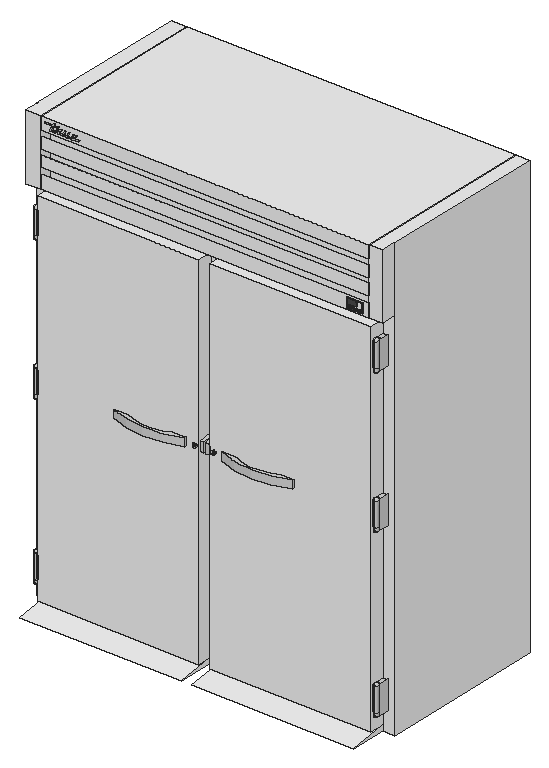
Revit family
Parameters
  Weight in Pounds = 0
  Watts = 4000 W
  Volts = 115 V
  URL Cutsheet = "www.truemfg.com"
  URL = "www.truemfg.com"
  Type Mark [instance] = ""
  Type Comments = ""
  Status [instance] = ""
  Specification by User [instance] = ""
  Specification by Manufacturer = ""
  Show Logo [instance] = yes
  Show Clearance [instance] = yes
  Serial Number = ""
  Seismic Rating = ""
  SMACNA No = ""
  Revision Code [instance] = ""
  Phase = 1
  Omniclass Number and Title = ""
  Number of Poles [instance] = 1
  NAFEM Spec ID Number = ""
  Model = "STA2HRI-2S"
  Min Ckt Ampacity = 0 A
  Max Overcurrent Protection = 0 A
  Masterspec = ""
  Manufacturer = "TRUE FOOD SERVICE EQUIPMENT, INC."
  Length = 68"
  Item Number [instance] = ""
  Installed By [instance] = ""
  Identify Quantity as Lot [instance] = yes
  Height = 83 3/4"
  HP = ""
  Furnished By [instance] = ""
  Foodservice Equipment Identifier [instance] = yes
  FL Amps = Watts / Volts  # 34.7826 A
  Electrical Remarks [instance] = ""
  Electric Connection Type [instance] = ""
  Elec Conn RI Height [instance] = 0"
  Elec Conn Connection Height [instance] = 0"
  Description = "Roll-in Solid Swing Door Heated Cabinet"
  Depth = 34 3/4"
  Cycle = 60 Hz
  Conn Plug = "14-20P"
  Conn Conduit = yes
  CSI MasterFormat = ""
  CSI Master Format = ""
  Apparent Power = if(Phase = 3, Volts * FL Amps * 1.73, Volts * FL Amps)  # 4000 VA
Reference planes (in)
  plane 1 "BACK": y = 0
  plane 2: z = 0
  plane 3 "LEFT": x = 0
  plane 4 "RIGHT": x = 68
  plane 5 "FRONT": y = -34.75
  plane 6 "TOP": z = 83.75
  plane 7: x = 2.84375
  plane 8: y = -34.7042
  plane 9: x = 34
  plane 10: z = 69.90625
Forms (in)
  Extrusion 1, solid, material "QF_Finishes_Chrome - Satin"
    sketch origin (0.05, 0, 0) x (1, 0, 0) y (0, 1, 0)
      loop
        line (-0.05, 0) -> (-0.05, -32) -> (2.87859, -32) -> (2.87859, 0) -> (-0.05, 0)
    from 0 to 83.75
  Extrusion 2, solid, material "QF_Finishes_Chrome - Satin"
    sketch origin (50.15, 0, 0) x (1, 0, 0) y (0, 1, 0)
      loop
        line (15.15, 0) -> (15.15, -32) -> (17.85, -32) -> (17.85, 0) -> (15.15, 0)
    from 0 to 83.75
  Extrusion 3, solid, material "QF_Finishes_Chrome - Satin"
    sketch origin (0, 0, 0) x (0, 1, 0) y (0, 0, 1)
      loop
        line (-34.7042, 71.28125) -> (-32, 71.28125) -> (-32, 0) -> (0, 0) -> (0, 83.75) -> (-34.7042, 83.75) -> (-34.7042, 81.40578) -> (-32.5, 79.83852) -> (-32.5, 78.71625) -> (-34.7042, 80.28351) -> (-34.7042, 78.1498) -> (-32.5, 76.58254) -> (-32.5, 75.62178) -> (-34.7042, 77.18904) -> (-34.7042, 75.09284) -> (-32.5, 73.52557) -> (-32.5, 72.25) -> (-34.7042, 73.81726) -> (-34.7042, 71.28125)
    from 2.92859 to 65.3
  Extrusion 4, solid, material "QF_Finishes_Chrome - Satin"
    sketch origin (0, 0, 0) x (1, 0, 0) y (0, 1, 0)
      loop
        line (67.84782, -32) -> (65.3, -32) -> (65.3, -34.75) -> (67.84782, -34.75) -> (67.84782, -32)
    from 71.28125 to 83.75
  Extrusion 5, solid, material "QF_Finishes_Chrome - Satin"
    sketch origin (-50.125, 0, 0.25) x (1, 0, 0) y (0, 1, 0)
      loop
        line (53.05359, -32) -> (50.24109, -32) -> (50.24109, -34.75) -> (53.05359, -34.75) -> (53.05359, -32)
    from 71.03125 to 83.5
  Extrusion 6, solid, material "QF_Finishes_Chrome - Satin"
    sketch origin (8.03125, -1, -0.71875) x (1, 0, 0) y (0, 0, 1)
      loop
        line (26.96875, 1.71875) -> (57.65625, 1.71875) -> (57.65625, 70.625) -> (26.96875, 70.625) -> (26.96875, 1.71875)
    from 31 to 33.75
  Extrusion 7, solid, material "QF_Finishes_Handrails and Railings"
    sketch origin (91.34375, -0.25, 26.43519) x (1, 0, 0) y (0, 1, 0)
      loop
        line (-53.875, -34.5) -> (-53.875, -34.7)
        arc (-53.875, -34.7) -> (-47.075, -36.14405) -> (-40.275, -34.7) r 16.7325
        line (-40.275, -34.7) -> (-40.275, -34.5) -> (-42.675, -34.5)
        arc (-42.675, -34.5) -> (-47.075, -35.65816) -> (-51.475, -34.5) r 8.93715
        line (-51.475, -34.5) -> (-53.875, -34.5)
    from 10.87731 to 12.37731
  Extrusion 8, solid, material "QF_Finishes_Handrails and Railings"
    sketch origin (9.34375, -1.08467, -2) x (1, 0, 0) y (0, 0, 1)
      loop
        circle (26.4375, 40.0625) r 0.35
      loop
        line (26.47265, 40.33635) -> (26.41715, 40.33635) -> (26.41715, 39.76895) -> (26.47265, 39.76895) -> (26.47265, 40.33635)
    from 33.5 to 33.83066
  Extrusion 9, solid, material "QF_Finishes_Handrails and Railings", visible <- "Show Logo"
    sketch origin (0.33478, 0.06376, 5.00294) x (1, 0, 0) y (0, 0, 1)
      loop
        line (3.46044, 78.08731) -> (3.35478, 77.86073) -> (4.76027, 77.86073)
        arc (4.76027, 77.86073) -> (4.78879, 77.81028) -> (4.76027, 77.75984) r 0.05887
        line (4.76027, 77.75984) -> (4.39369, 76.97372)
        arc (4.39369, 76.97372) -> (4.39051, 76.90091) -> (4.43975, 76.84717) r 0.09523
        line (4.43975, 76.84717) -> (5.33844, 76.84717)
        arc (5.33844, 76.84717) -> (5.45192, 76.88295) -> (5.52436, 76.97735) r 0.19785
        line (5.52436, 76.97735) -> (5.81285, 77.59601) -> (6.0779, 77.59601)
        arc (6.0779, 77.59601) -> (6.14744, 77.57043) -> (6.13737, 77.49703) r 0.05911
        line (6.13737, 77.49703) -> (5.89598, 76.97937)
        arc (5.89598, 76.97937) -> (5.89974, 76.8934) -> (5.97231, 76.84717) r 0.09318
        line (5.97231, 76.84717) -> (6.76198, 76.84717)
        arc (6.76198, 76.84717) -> (6.82249, 76.86919) -> (6.85468, 76.92495) r 0.09412
        arc (6.85468, 76.92495) -> (6.87746, 76.86995) -> (6.93246, 76.84717) r 0.07778
        line (6.93246, 76.84717) -> (7.43246, 76.84717)
        arc (7.43246, 76.84717) -> (7.49022, 76.86265) -> (7.53251, 76.90493) r 0.11552
        arc (7.53251, 76.90493) -> (7.55275, 76.85606) -> (7.60162, 76.83581) r 0.06912
        line (7.60162, 76.83581) -> (8.31225, 76.83581)
        arc (8.31225, 76.83581) -> (8.37034, 76.85988) -> (8.39441, 76.91797) r 0.08216
        arc (8.39441, 76.91797) -> (8.44767, 76.86472) -> (8.52042, 76.84522) r 0.14551
        line (8.52042, 76.84522) -> (9.85158, 76.84522) -> (9.99946, 77.10134) -> (8.65678, 77.10134)
        arc (8.65678, 77.10134) -> (8.61972, 77.12704) -> (8.61834, 77.17211) r 0.05009
        line (8.61834, 77.17211) -> (8.64157, 77.22192)
        arc (8.64157, 77.22192) -> (8.67723, 77.26864) -> (8.73327, 77.28635) r 0.09747
        line (8.73327, 77.28635) -> (9.16485, 77.28635)
        arc (9.16485, 77.28635) -> (9.258, 77.31131) -> (9.32619, 77.3795) r 0.1863
        line (9.32619, 77.3795) -> (9.45119, 77.59601)
        arc (9.45119, 77.59601) -> (9.45119, 77.71157) -> (9.35111, 77.76934) r 0.11556
        line (9.35111, 77.76934) -> (8.89562, 77.76934)
        arc (8.89562, 77.76934) -> (8.7795, 77.74962) -> (8.69849, 77.66412) r 0.18605
        line (8.69849, 77.66412) -> (8.48204, 77.19993)
        arc (8.48204, 77.19993) -> (8.41815, 77.11667) -> (8.31806, 77.08511) r 0.1745
        line (8.31806, 77.08511) -> (7.84559, 77.08511)
        arc (7.84559, 77.08511) -> (7.78903, 77.14684) -> (7.79268, 77.23048) r 0.10939
        line (7.79268, 77.23048) -> (8.04395, 77.76934) -> (7.88403, 77.76934) -> (7.61781, 77.19844)
        arc (7.61781, 77.19844) -> (7.56609, 77.13103) -> (7.48505, 77.10548) r 0.14128
        line (7.48505, 77.10548) -> (7.15925, 77.10548)
        arc (7.15925, 77.10548) -> (7.10419, 77.17723) -> (7.116, 77.26689) r 0.11816
        line (7.116, 77.26689) -> (7.3503, 77.76934) -> (7.18514, 77.76934) -> (6.91546, 77.191)
        arc (6.91546, 77.191) -> (6.85285, 77.12839) -> (6.76733, 77.10548) r 0.17104
        line (6.76733, 77.10548) -> (6.29555, 77.10548)
        arc (6.29555, 77.10548) -> (6.21082, 77.14499) -> (6.20267, 77.23813) r 0.0935
        line (6.20267, 77.23813) -> (6.35774, 77.57069) -> (6.57695, 77.57069)
        arc (6.57695, 77.57069) -> (6.61395, 77.68217) -> (6.69267, 77.76934) r 0.2857
        line (6.69267, 77.76934) -> (5.83605, 77.76934)
        arc (5.83605, 77.76934) -> (5.74086, 77.74824) -> (5.67498, 77.67635) r 0.16212
        line (5.67498, 77.67635) -> (5.44279, 77.17841)
        arc (5.44279, 77.17841) -> (5.3894, 77.12502) -> (5.31647, 77.10548) r 0.14586
        line (5.31647, 77.10548) -> (4.80506, 77.10548)
        arc (4.80506, 77.10548) -> (4.76514, 77.15942) -> (4.77274, 77.22609) r 0.09155
        line (4.77274, 77.22609) -> (5.11018, 77.86073) -> (5.96155, 77.86073) -> (6.06721, 78.08731) -> (5.21584, 78.08731) -> (5.32149, 78.31388) -> (5.01862, 78.31388) -> (4.91297, 78.08731) -> (3.46044, 78.08731)
      loop
        arc (8.83805, 77.56363) -> (8.80119, 77.55375) -> (8.7742, 77.52676) r 0.07373
        line (8.7742, 77.52676) -> (8.75229, 77.45936)
        arc (8.75229, 77.45936) -> (8.76245, 77.43483) -> (8.78699, 77.42466) r 0.0347
        line (8.78699, 77.42466) -> (9.15948, 77.42466)
        arc (9.15948, 77.42466) -> (9.18632, 77.43061) -> (9.20812, 77.44734) r 0.0635
        line (9.20812, 77.44734) -> (9.22624, 77.53122)
        arc (9.22624, 77.53122) -> (9.22091, 77.55368) -> (9.20009, 77.56363) r 0.02676
        line (9.20009, 77.56363) -> (8.83805, 77.56363)
    from 34.76797 to 34.83173
  Extrusion 10, solid, material "QF_Finishes_White"
    sketch origin (-22.74812, 0.0458, -7.95638) x (1, 0, 0) y (0, 0, 1)
      loop
        line (83.81732, 81.35727) -> (83.81732, 79.60996) -> (86.72357, 79.60996) -> (86.72357, 81.35727) -> (83.81732, 81.35727)
    from 34.75 to 34.76797
  Extrusion 11, solid, material "QF_Finishes_Black"
    sketch origin (-22.74812, 0.0458, -7.95638) x (1, 0, 0) y (0, 0, 1)
      loop
        line (86.78607, 81.41977) -> (83.75482, 81.41977) -> (83.75482, 79.54746) -> (86.78607, 79.54746) -> (86.78607, 81.41977)
      loop
        spline (83.95482, 79.87872) -> (83.96333, 79.86254) -> (83.98831, 79.84747) -> (84.02804, 79.83452) -> (84.07982, 79.82459) -> (84.14011, 79.81835) -> (84.20482, 79.81622) -> (84.26952, 79.81835) -> (84.32982, 79.82459) -> (84.38159, 79.83452) -> (84.42132, 79.84747) -> (84.4463, 79.86254) -> (84.45482, 79.87872)
        spline (84.45482, 79.87872) -> (84.4463, 79.89489) -> (84.42132, 79.90997) -> (84.38159, 79.92291) -> (84.32982, 79.93284) -> (84.26952, 79.93909) -> (84.20482, 79.94122) -> (84.14011, 79.93909) -> (84.07982, 79.93284) -> (84.02804, 79.92291) -> (83.98831, 79.90997) -> (83.96333, 79.89489) -> (83.95482, 79.87872)
      loop
        spline (84.65083, 79.87872) -> (84.65935, 79.86254) -> (84.68432, 79.84747) -> (84.72405, 79.83452) -> (84.77583, 79.82459) -> (84.83612, 79.81835) -> (84.90083, 79.81622) -> (84.96553, 79.81835) -> (85.02583, 79.82459) -> (85.07761, 79.83452) -> (85.11734, 79.84747) -> (85.14231, 79.86254) -> (85.15083, 79.87872)
        spline (85.15083, 79.87872) -> (85.14231, 79.89489) -> (85.11734, 79.90997) -> (85.07761, 79.92291) -> (85.02583, 79.93284) -> (84.96553, 79.93909) -> (84.90083, 79.94122) -> (84.83612, 79.93909) -> (84.77583, 79.93284) -> (84.72405, 79.92291) -> (84.68432, 79.90997) -> (84.65935, 79.89489) -> (84.65083, 79.87872)
      loop
        spline (85.40083, 79.87872) -> (85.40935, 79.86254) -> (85.43432, 79.84747) -> (85.47405, 79.83452) -> (85.52583, 79.82459) -> (85.58612, 79.81835) -> (85.65083, 79.81622) -> (85.71553, 79.81835) -> (85.77583, 79.82459) -> (85.82761, 79.83452) -> (85.86734, 79.84747) -> (85.89231, 79.86254) -> (85.90083, 79.87872)
        spline (85.90083, 79.87872) -> (85.89231, 79.89489) -> (85.86734, 79.90997) -> (85.82761, 79.92291) -> (85.77583, 79.93284) -> (85.71553, 79.93909) -> (85.65083, 79.94122) -> (85.58612, 79.93909) -> (85.52583, 79.93284) -> (85.47405, 79.92291) -> (85.43432, 79.90997) -> (85.40935, 79.89489) -> (85.40083, 79.87872)
      loop
        line (83.95481, 81.21978) -> (83.95481, 80.21978) -> (85.65433, 80.21978) -> (85.65433, 81.21978) -> (83.95481, 81.21978)
      loop
        line (86.72357, 81.35727) -> (83.81732, 81.35727) -> (83.81732, 79.60996) -> (86.72357, 79.60996) -> (86.72357, 81.35727)
      loop
        spline (86.15083, 79.87872) -> (86.15935, 79.86254) -> (86.18432, 79.84747) -> (86.22405, 79.83452) -> (86.27583, 79.82459) -> (86.33612, 79.81835) -> (86.40083, 79.81622) -> (86.46553, 79.81835) -> (86.52583, 79.82459) -> (86.57761, 79.83452) -> (86.61734, 79.84747) -> (86.64231, 79.86254) -> (86.65083, 79.87872)
        spline (86.65083, 79.87872) -> (86.64231, 79.89489) -> (86.61734, 79.90997) -> (86.57761, 79.92291) -> (86.52583, 79.93284) -> (86.46553, 79.93909) -> (86.40083, 79.94122) -> (86.33612, 79.93909) -> (86.27583, 79.93284) -> (86.22405, 79.92291) -> (86.18432, 79.90997) -> (86.15935, 79.89489) -> (86.15083, 79.87872)
    from 34.76797 to 34.80335
  Extrusion 12, solid
    sketch origin (-25.125, 0, 0) x (1, 0, 0) y (0, 0, 1)
      loop
        circle (89.875, 81.625) r 0.25
    from 0 to 0.0625
  Blend 13, solid, material "QF_Finishes_Handrails and Railings"
    base sketch origin (60.25, -1, 0) x (-1, 0, 0) y (0, 0, -1)
      loop
        line (25.25, -38.99169) -> (26, -38.99169) -> (26, -37.24169) -> (25.25, -37.24169) -> (25.25, -38.99169)
    top sketch origin (60.25, 0, 0) x (-1, 0, 0) y (0, 0, -1)
      loop
        line (26.18223, -36.6441) -> (25.25, -36.6441) -> (25.25, -39.42643) -> (26.18223, -39.42643) -> (26.18223, -36.6441)
    from 33.57883 to 32
  Extrusion 14, solid, material "QF_Finishes_Handrails and Railings"
    sketch origin (66.78125, 0, 3.5) x (0, 1, 0) y (0, 0, -1)
      loop
        line (-32, -64.17729) -> (-32, -58.86127) -> (-34.25, -58.86127) -> (-34.25, -59.57348) -> (-33.81497, -59.57348) -> (-33.81497, -63.97276)
        arc (-33.81497, -63.97276) -> (-33.75506, -64.11738) -> (-33.61044, -64.17729) r 0.20453
        line (-33.61044, -64.17729) -> (-32, -64.17729)
    from 0.17506 to 1
  Revolve 15, solid, material "QF_Finishes_Handrails and Railings"
    sketch origin (66.28125, 0, 3.5) x (0, 1, 0) y (0, 0, -1)
      loop
        line (-34.26563, -59.62689) -> (-34.67229, -59.62689) -> (-34.67229, -64.0986)
        arc (-34.67229, -64.0986) -> (-34.53722, -64.35057) -> (-34.26563, -64.43983) r 0.3848
        line (-34.26563, -64.43983) -> (-34.26563, -59.62689)
      loop
        line (-34.26563, -59.57348) -> (-34.26563, -58.67281)
        arc (-34.26563, -58.67281) -> (-34.53264, -58.75883) -> (-34.67229, -59.00212) r 0.38884
        line (-34.67229, -59.00212) -> (-34.67229, -59.57348) -> (-34.26563, -59.57348)
      axis (-34.26563, -58.67281) -> (-34.26563, -64.43983)
    angle from 0 to 360
  Extrusion 16, solid, material "QF_Finishes_Handrails and Railings"
    sketch origin (27.5, -1.07734, 3.5011) x (-1, 0, 0) y (0, 0, -1)
      loop
        line (-38.58509, -64.0986) -> (-38.1875, -64.0986) -> (-38.1875, -59.62579) -> (-38.58509, -59.62579) -> (-38.58509, -64.0986)
    from 32.81497 to 33.59495
  Extrusion 17, solid, material "QF_Finishes_Handrails and Railings"
    sketch origin (66.78125, 0, -24) x (0, 1, 0) y (0, 0, -1)
      loop
        line (-32, -64.55229) -> (-32, -59.23627) -> (-34.25, -59.23627) -> (-34.25, -59.94848) -> (-33.81497, -59.94848) -> (-33.81497, -64.34776)
        arc (-33.81497, -64.34776) -> (-33.75506, -64.49238) -> (-33.61044, -64.55229) r 0.20453
        line (-33.61044, -64.55229) -> (-32, -64.55229)
    from 0.17506 to 1
  Revolve 18, solid, material "QF_Finishes_Handrails and Railings"
    sketch origin (66.28125, 0, -24) x (0, 1, 0) y (0, 0, -1)
      loop
        line (-34.26563, -60.00189) -> (-34.67229, -60.00189) -> (-34.67229, -64.4736)
        arc (-34.67229, -64.4736) -> (-34.53722, -64.72557) -> (-34.26563, -64.81483) r 0.3848
        line (-34.26563, -64.81483) -> (-34.26563, -60.00189)
      loop
        line (-34.26563, -59.94848) -> (-34.26563, -59.04781)
        arc (-34.26563, -59.04781) -> (-34.53264, -59.13383) -> (-34.67229, -59.37712) r 0.38884
        line (-34.67229, -59.37712) -> (-34.67229, -59.94848) -> (-34.26563, -59.94848)
      axis (-34.26563, -59.04781) -> (-34.26563, -64.81483)
    angle from 0 to 360
  Extrusion 19, solid, material "QF_Finishes_Handrails and Railings"
    sketch origin (27.5, -1.07734, -23.9989) x (-1, 0, 0) y (0, 0, -1)
      loop
        line (-38.58509, -64.4736) -> (-38.1875, -64.4736) -> (-38.1875, -60.00079) -> (-38.58509, -60.00079) -> (-38.58509, -64.4736)
    from 32.81497 to 33.59495
  Extrusion 20, solid, material "QF_Finishes_Handrails and Railings"
    sketch origin (66.78125, 0, -55.5) x (0, 1, 0) y (0, 0, -1)
      loop
        line (-32, -64.55229) -> (-32, -59.23627) -> (-34.25, -59.23627) -> (-34.25, -59.94848) -> (-33.81497, -59.94848) -> (-33.81497, -64.34776)
        arc (-33.81497, -64.34776) -> (-33.75506, -64.49238) -> (-33.61044, -64.55229) r 0.20453
        line (-33.61044, -64.55229) -> (-32, -64.55229)
    from 0.17506 to 1
  Revolve 21, solid, material "QF_Finishes_Handrails and Railings"
    sketch origin (66.28125, 0, -55.5) x (0, 1, 0) y (0, 0, -1)
      loop
        line (-34.26563, -60.00189) -> (-34.67229, -60.00189) -> (-34.67229, -64.4736)
        arc (-34.67229, -64.4736) -> (-34.53722, -64.72557) -> (-34.26563, -64.81483) r 0.3848
        line (-34.26563, -64.81483) -> (-34.26563, -60.00189)
      loop
        line (-34.26563, -59.94848) -> (-34.26563, -59.04781)
        arc (-34.26563, -59.04781) -> (-34.53264, -59.13383) -> (-34.67229, -59.37712) r 0.38884
        line (-34.67229, -59.37712) -> (-34.67229, -59.94848) -> (-34.26563, -59.94848)
      axis (-34.26563, -59.04781) -> (-34.26563, -64.81483)
    angle from 0 to 360
  Extrusion 22, solid, material "QF_Finishes_Handrails and Railings"
    sketch origin (27.5, -1.07734, -55.4989) x (-1, 0, 0) y (0, 0, -1)
      loop
        line (-38.58509, -64.4736) -> (-38.1875, -64.4736) -> (-38.1875, -60.00079) -> (-38.58509, -60.00079) -> (-38.58509, -64.4736)
    from 32.81497 to 33.59495
  Extrusion 23, solid, material "QF_Finishes_Chrome - Satin"
    sketch origin (65.6875, -1, 8.03125) x (0, 0, 1) y (0, -1, 0)
      loop
        line (-8.03125, 37.875) -> (-8.03125, 31) -> (-7.03125, 31) -> (-8.03125, 37.875)
    from 0 to -30.6875
  Extrusion 24, solid, material "QF_Finishes_Chrome - Satin"
    sketch origin (59.96875, -1, -0.71875) x (-1, 0, 0) y (0, 0, -1)
      loop
        line (26.96875, -1.71875) -> (26.96875, -70.625) -> (57.65625, -70.625) -> (57.65625, -1.71875) -> (26.96875, -1.71875)
    from 31 to 33.75
  Extrusion 25, solid, material "QF_Finishes_Handrails and Railings"
    sketch origin (-23.34375, -0.25, 26.43519) x (1, 0, 0) y (0, 1, 0)
      loop
        line (53.875, -34.5) -> (51.475, -34.5)
        arc (51.475, -34.5) -> (47.075, -35.65816) -> (42.675, -34.5) r 8.93715
        line (42.675, -34.5) -> (40.275, -34.5) -> (40.275, -34.7)
        arc (40.275, -34.7) -> (47.075, -36.14405) -> (53.875, -34.7) r 16.7325
        line (53.875, -34.7) -> (53.875, -34.5)
    from 10.87731 to 12.37731
  Extrusion 26, solid, material "QF_Finishes_Handrails and Railings"
    sketch origin (58.65625, -1.08467, -2) x (-1, 0, 0) y (0, 0, -1)
      loop
        circle (26.4375, -40.0625) r 0.35
      loop
        line (26.47265, -40.33635) -> (26.47265, -39.76895) -> (26.41715, -39.76895) -> (26.41715, -40.33635) -> (26.47265, -40.33635)
    from 33.5 to 33.83066
  Blend 27, solid, material "QF_Finishes_Handrails and Railings"
    base sketch origin (7.75, -1, 0) x (1, 0, 0) y (0, 0, 1)
      loop
        line (25.25, 38.99169) -> (25.25, 37.24169) -> (26, 37.24169) -> (26, 38.99169) -> (25.25, 38.99169)
    top sketch origin (7.75, 0, 0) x (1, 0, 0) y (0, 0, 1)
      loop
        line (26.18223, 36.6441) -> (26.18223, 39.42643) -> (25.25, 39.42643) -> (25.25, 36.6441) -> (26.18223, 36.6441)
    from 33.57883 to 32
  Extrusion 28, solid, material "QF_Finishes_Handrails and Railings"
    sketch origin (1.21875, 0, 3.5) x (0, 1, 0) y (0, 0, 1)
      loop
        line (-32, 64.17729) -> (-33.61044, 64.17729)
        arc (-33.61044, 64.17729) -> (-33.75506, 64.11738) -> (-33.81497, 63.97276) r 0.20453
        line (-33.81497, 63.97276) -> (-33.81497, 59.57348) -> (-34.25, 59.57348) -> (-34.25, 58.86127) -> (-32, 58.86127) -> (-32, 64.17729)
    from 0.17506 to 1
  Revolve 29, solid, material "QF_Finishes_Handrails and Railings"
    sketch origin (1.71875, 0, 3.5) x (0, 1, 0) y (0, 0, 1)
      loop
        line (-34.26563, 59.62689) -> (-34.26563, 64.43983)
        arc (-34.26563, 64.43983) -> (-34.53722, 64.35057) -> (-34.67229, 64.0986) r 0.3848
        line (-34.67229, 64.0986) -> (-34.67229, 59.62689) -> (-34.26563, 59.62689)
      loop
        line (-34.26563, 59.57348) -> (-34.67229, 59.57348) -> (-34.67229, 59.00212)
        arc (-34.67229, 59.00212) -> (-34.53264, 58.75883) -> (-34.26563, 58.67281) r 0.38884
        line (-34.26563, 58.67281) -> (-34.26563, 59.57348)
      axis (-34.26563, 58.67281) -> (-34.26563, 64.43983)
    angle from 0 to 360
  Extrusion 30, solid, material "QF_Finishes_Handrails and Railings"
    sketch origin (40.5, -1.07734, 3.5011) x (1, 0, 0) y (0, 0, 1)
      loop
        line (-38.58509, 64.0986) -> (-38.58509, 59.62579) -> (-38.1875, 59.62579) -> (-38.1875, 64.0986) -> (-38.58509, 64.0986)
    from 32.81497 to 33.59495
  Extrusion 31, solid, material "QF_Finishes_Handrails and Railings"
    sketch origin (1.21875, 0, -24) x (0, 1, 0) y (0, 0, 1)
      loop
        line (-32, 64.55229) -> (-33.61044, 64.55229)
        arc (-33.61044, 64.55229) -> (-33.75506, 64.49238) -> (-33.81497, 64.34776) r 0.20453
        line (-33.81497, 64.34776) -> (-33.81497, 59.94848) -> (-34.25, 59.94848) -> (-34.25, 59.23627) -> (-32, 59.23627) -> (-32, 64.55229)
    from 0.17506 to 1
  Revolve 32, solid, material "QF_Finishes_Handrails and Railings"
    sketch origin (1.71875, 0, -24) x (0, 1, 0) y (0, 0, 1)
      loop
        line (-34.26563, 60.00189) -> (-34.26563, 64.81483)
        arc (-34.26563, 64.81483) -> (-34.53722, 64.72557) -> (-34.67229, 64.4736) r 0.3848
        line (-34.67229, 64.4736) -> (-34.67229, 60.00189) -> (-34.26563, 60.00189)
      loop
        line (-34.26563, 59.94848) -> (-34.67229, 59.94848) -> (-34.67229, 59.37712)
        arc (-34.67229, 59.37712) -> (-34.53264, 59.13383) -> (-34.26563, 59.04781) r 0.38884
        line (-34.26563, 59.04781) -> (-34.26563, 59.94848)
      axis (-34.26563, 59.04781) -> (-34.26563, 64.81483)
    angle from 0 to 360
  Extrusion 33, solid, material "QF_Finishes_Handrails and Railings"
    sketch origin (40.5, -1.07734, -23.9989) x (1, 0, 0) y (0, 0, 1)
      loop
        line (-38.58509, 64.4736) -> (-38.58509, 60.00079) -> (-38.1875, 60.00079) -> (-38.1875, 64.4736) -> (-38.58509, 64.4736)
    from 32.81497 to 33.59495
  Extrusion 34, solid, material "QF_Finishes_Handrails and Railings"
    sketch origin (1.21875, 0, -55.5) x (0, 1, 0) y (0, 0, 1)
      loop
        line (-32, 64.55229) -> (-33.61044, 64.55229)
        arc (-33.61044, 64.55229) -> (-33.75506, 64.49238) -> (-33.81497, 64.34776) r 0.20453
        line (-33.81497, 64.34776) -> (-33.81497, 59.94848) -> (-34.25, 59.94848) -> (-34.25, 59.23627) -> (-32, 59.23627) -> (-32, 64.55229)
    from 0.17506 to 1
  Revolve 35, solid, material "QF_Finishes_Handrails and Railings"
    sketch origin (1.71875, 0, -55.5) x (0, 1, 0) y (0, 0, 1)
      loop
        line (-34.26563, 60.00189) -> (-34.26563, 64.81483)
        arc (-34.26563, 64.81483) -> (-34.53722, 64.72557) -> (-34.67229, 64.4736) r 0.3848
        line (-34.67229, 64.4736) -> (-34.67229, 60.00189) -> (-34.26563, 60.00189)
      loop
        line (-34.26563, 59.94848) -> (-34.67229, 59.94848) -> (-34.67229, 59.37712)
        arc (-34.67229, 59.37712) -> (-34.53264, 59.13383) -> (-34.26563, 59.04781) r 0.38884
        line (-34.26563, 59.04781) -> (-34.26563, 59.94848)
      axis (-34.26563, 59.04781) -> (-34.26563, 64.81483)
    angle from 0 to 360
  Extrusion 36, solid, material "QF_Finishes_Handrails and Railings"
    sketch origin (40.5, -1.07734, -55.4989) x (1, 0, 0) y (0, 0, 1)
      loop
        line (-38.58509, 64.4736) -> (-38.58509, 60.00079) -> (-38.1875, 60.00079) -> (-38.1875, 64.4736) -> (-38.58509, 64.4736)
    from 32.81497 to 33.59495
  Extrusion 37, solid, material "QF_Finishes_Chrome - Satin"
    sketch origin (2.3125, -1, 8.03125) x (0, 0, 1) y (0, 1, 0)
      loop
        line (-8.03125, -37.875) -> (-7.03125, -31) -> (-8.03125, -31) -> (-8.03125, -37.875)
    from 0 to -30.6875
  Extrusion 38, solid, material "QF_Finishes_Door Clearance", visible <- "Show Clearance", detail levels coarse
    sketch origin (32.71875, -1, 1) x (0, 1, 0) y (1, 0, 0)
      loop
        line (-33.75, -30.40625) -> (-33.75, 0.28125)
        arc (-33.75, 0.28125) -> (-55.44934, -8.70691) -> (-64.4375, -30.40625) r 30.6875
        line (-64.4375, -30.40625) -> (-33.75, -30.40625)
      loop
        line (-33.75, 32.96875) -> (-64.4375, 32.96875)
        arc (-64.4375, 32.96875) -> (-55.44934, 11.26941) -> (-33.75, 2.28125) r 30.6875
        line (-33.75, 2.28125) -> (-33.75, 32.96875)
    from 0 to -68.90625
Cuts and joins
  joined: Extrusion 1, Extrusion 2, Extrusion 4, Extrusion 5
Lines and regions (in)
  symbolic lines
    curve 1: line (0, 0, 0) -> (68, 0, 0)
    curve 2: line (0, -34.75, 0) -> (0, 0, 0)
    curve 3: line (68, -34.75, 0) -> (0, -34.75, 0)
    curve 4: line (68, 0, 0) -> (68, -34.75, 0)
    curve 5: line (68, -32.5, 0) -> (0, -32.5, 0)
    curve 6: arc (28.13125, -34.75, 0) -> (23.73125, -35.90816, 0) -> (19.33125, -34.75, 0) r 8.93715
    curve 7: arc (16.93125, -34.95, 0) -> (23.73125, -36.39405, 0) -> (30.53125, -34.95, 0) r 16.7325
    curve 8: line (16.93125, -34.75, 0) -> (16.93125, -34.95, 0)
    curve 9: line (30.53125, -34.95, 0) -> (30.53125, -34.75, 0)
    curve 10: arc (48.66875, -34.75, 0) -> (44.26875, -35.90816, 0) -> (39.86875, -34.75, 0) r 8.93715
    curve 11: arc (37.46875, -34.95, 0) -> (44.26875, -36.39405, 0) -> (51.06875, -34.95, 0) r 16.7325
    curve 12: line (37.46875, -34.75, 0) -> (37.46875, -34.95, 0)
    curve 13: line (51.06875, -34.95, 0) -> (51.06875, -34.75, 0)
  symbolic lines, style "QF_Door Swings", visible <- "Show Clearance", detail levels coarse
    curve 14: line (2.3125, -34.75, 0) -> (2.3125, -65.4375, 0)
    curve 15: arc (33, -34.75, 0) -> (24.01184, -56.44934, 0) -> (2.3125, -65.4375, 0) r 30.6875
    curve 16: arc (65.6875, -65.4375, 0) -> (43.98816, -56.44934, 0) -> (35, -34.75, 0) r 30.6875
    curve 17: line (65.6875, -65.4375, 0) -> (65.6875, -34.75, 0)
Dimensions and locks (in)
  "Depth": plane 5 "FRONT" to plane 1 "BACK"
  plane 6 "TOP" to level = 83 3/4"  (x2)
  Extrusion 6 sketch curve to Extrusion 6 sketch curve = 30 11/16"
  Extrusion 6 to plane 1 "BACK" = 34 3/4"
  "Length": plane 3 "LEFT" to plane 4 "RIGHT"
  plane 4 "RIGHT" to plane 3 "LEFT" = 68"
  equal spacing: plane 3 "LEFT", plane 9, plane 4 "RIGHT"
  Extrusion 24 sketch curve to Extrusion 24 sketch curve = 30 11/16"
  plane 10 to level = 69 29/32"
  aligned and locked: level to plane 2
Automatic sketch dimensions
  plane 1 "BACK" to curve 1 = 0"
  curve 1 to plane 3 "LEFT" = 0"
  plane 5 "FRONT" to curve 8 = 0"
  curve 4 to plane 4 "RIGHT" = 0"
  plane 5 "FRONT" to curve 7 = 0.2"
  plane 7 to curve 7 = 14.0875"
  curve 8 to curve 6 = 2.4"
  curve 6 to curve 6 = 4.4"
  curve 7 to curve 6 = 0"
  plane 5 "FRONT" to curve 9 = 0.2"
  plane 5 "FRONT" to curve 12 = 0.2"
  curve 12 to plane 9 = 3 15/32"
  curve 12 to curve 10 = 2.4"
  curve 10 to curve 10 = 4.4"
  curve 11 to curve 10 = 0"
  plane 5 "FRONT" to curve 11 = 0.2"
  curve 5 to plane 5 "FRONT" = 2 1/4"
  curve 10 to plane 5 "FRONT" = 7.77899"
  curve 6 to plane 5 "FRONT" = 7.77899"
  curve 10 to curve 11 = 7.30945"
  curve 6 to curve 7 = 7.30945"
  Extrusion 1 sketch curve to plane 3 "LEFT" = 0"
  plane 1 "BACK" to Extrusion 1 sketch curve = 0"
  plane 7 to Extrusion 1 sketch curve = 0.08484"
  Extrusion 1 sketch curve to plane 5 "FRONT" = 2 3/4"
  plane 1 "BACK" to Extrusion 2 sketch curve = 0"
  Extrusion 2 sketch curve to plane 4 "RIGHT" = 0"
  Extrusion 2 sketch curve to plane 4 "RIGHT" = 2.7"
  Extrusion 2 sketch curve to plane 5 "FRONT" = 2 3/4"
  Extrusion 3 sketch curve to plane 8 = 0"  (x4)
  Extrusion 3 sketch curve to level = 0"
  Extrusion 3 sketch curve to plane 6 "TOP" = 0"
  plane 8 to Extrusion 3 sketch curve = 2.2042"  (x2)
  Extrusion 3 sketch curve to Extrusion 3 sketch curve = 0"
  Extrusion 3 sketch curve to Extrusion 3 sketch curve = 1/2"
  plane 1 "BACK" to Extrusion 3 sketch curve = 0"
  Extrusion 3 sketch curve to plane 6 "TOP" = 12 15/32"
  Extrusion 3 sketch curve to Extrusion 3 sketch curve = 31/32"
  Extrusion 3 sketch curve to Extrusion 3 sketch curve = 1.27557"  (x2)
  Extrusion 3 sketch curve to Extrusion 3 sketch curve = 0.29169"
  Extrusion 3 sketch curve to Extrusion 3 sketch curve = 2.0962"  (x2)
  Extrusion 3 sketch curve to Extrusion 3 sketch curve = 0.96076"  (x2)
  Extrusion 3 sketch curve to Extrusion 3 sketch curve = 2.13371"  (x2)
  Extrusion 3 sketch curve to Extrusion 3 sketch curve = 1.12227"  (x2)
  plane 5 "FRONT" to Extrusion 4 sketch curve = 0"
  Extrusion 4 sketch curve to plane 4 "RIGHT" = 2.7"
  Extrusion 4 sketch curve to plane 4 "RIGHT" = 0.15218"
  Extrusion 4 sketch curve to plane 5 "FRONT" = 2 3/4"
  plane 5 "FRONT" to Extrusion 5 sketch curve = 0"
  plane 3 "LEFT" to Extrusion 5 sketch curve = 0.11609"
  plane 7 to Extrusion 5 sketch curve = 0.08484"
  Extrusion 5 sketch curve to plane 5 "FRONT" = 2 3/4"
  Extrusion 6 sketch curve to plane 9 = 1"
  level to Extrusion 6 sketch curve = 1"
  Extrusion 6 sketch curve to plane 6 "TOP" = 13 27/32"
  plane 5 "FRONT" to Extrusion 7 sketch curve = 0"  (x2)
  Extrusion 7 sketch curve to plane 9 = 3 15/32"
  Extrusion 7 sketch curve to Extrusion 7 sketch curve = 2.4"  (x2)
  Extrusion 7 sketch curve to Extrusion 7 sketch curve = 4.4"
  Extrusion 7 sketch curve to Extrusion 7 sketch curve = 0"
  Extrusion 7 sketch curve to Extrusion 7 sketch curve = 0.2"
  Extrusion 7 sketch curve to plane 5 "FRONT" = 7.77899"
  Extrusion 7 sketch curve to Extrusion 7 sketch curve = 7.30945"
  Extrusion 8 sketch curve to plane 9 = 1.7609"
  Extrusion 8 sketch curve to Extrusion 8 sketch curve = 0.02035"
  Extrusion 8 sketch curve to Extrusion 8 sketch curve = 0.0555"
  level to Extrusion 8 sketch curve = 37.76895"
  Extrusion 8 sketch curve to Extrusion 8 sketch curve = 0.29355"
  Extrusion 8 sketch curve to Extrusion 8 sketch curve = 0.27385"
  plane 7 to Extrusion 9 sketch curve = 0.84582"
  Extrusion 9 sketch curve to Extrusion 9 sketch curve = 0.10565"  (x5)
  Extrusion 9 sketch curve to Extrusion 9 sketch curve = 1.03891"
  Extrusion 9 sketch curve to Extrusion 9 sketch curve = 0.04606"
  Extrusion 9 sketch curve to Extrusion 9 sketch curve = 0.08631"
  Extrusion 9 sketch curve to Extrusion 9 sketch curve = 0.33624"
  Extrusion 9 sketch curve to Extrusion 9 sketch curve = 0.03034"  (x2)
  Extrusion 9 sketch curve to Extrusion 9 sketch curve = 0.29274"
  Extrusion 9 sketch curve to Extrusion 9 sketch curve = 0.03232"
  Extrusion 9 sketch curve to Extrusion 9 sketch curve = 0.04851"
  Extrusion 9 sketch curve to plane 6 "TOP" = 0.65975"
  Extrusion 9 sketch curve to Extrusion 9 sketch curve = 0.1527"
  Extrusion 9 sketch curve to plane 6 "TOP" = 0.43317"
  Extrusion 9 sketch curve to Extrusion 9 sketch curve = 0.19721"
  Extrusion 9 sketch curve to Extrusion 9 sketch curve = 0.4629"
  Extrusion 9 sketch curve to Extrusion 9 sketch curve = 0.02197"
  Extrusion 9 sketch curve to Extrusion 9 sketch curve = 0.12632"
  Extrusion 9 sketch curve to Extrusion 9 sketch curve = 0.18591"
  Extrusion 9 sketch curve to plane 6 "TOP" = 1.0707"
  Extrusion 9 sketch curve to Extrusion 9 sketch curve = 0.2322"
  Extrusion 9 sketch curve to Extrusion 9 sketch curve = 0.13786"
  Extrusion 9 sketch curve to Extrusion 9 sketch curve = 0.00907"
  Extrusion 9 sketch curve to Extrusion 9 sketch curve = 0.01413"
  Extrusion 9 sketch curve to Extrusion 9 sketch curve = 0.37162"
  Extrusion 9 sketch curve to plane 6 "TOP" = 0.88633"
  Extrusion 9 sketch curve to Extrusion 9 sketch curve = 0.12551"
  Extrusion 9 sketch curve to Extrusion 9 sketch curve = 0.07633"
  Extrusion 9 sketch curve to Extrusion 9 sketch curve = 0.08445"
  Extrusion 9 sketch curve to Extrusion 9 sketch curve = 0.25598"
  Extrusion 9 sketch curve to Extrusion 9 sketch curve = 0.01887"
  Extrusion 9 sketch curve to Extrusion 9 sketch curve = 0.04061"
  Extrusion 9 sketch curve to plane 6 "TOP" = 1.50892"
  Extrusion 9 sketch curve to Extrusion 9 sketch curve = 0.0653"
  Extrusion 9 sketch curve to Extrusion 9 sketch curve = 0.08474"
  Extrusion 9 sketch curve to Extrusion 9 sketch curve = 0.00815"
  Extrusion 9 sketch curve to Extrusion 9 sketch curve = 0.22037"
  Extrusion 9 sketch curve to Extrusion 9 sketch curve = 0.21921"
  Extrusion 9 sketch curve to Extrusion 9 sketch curve = 0.11572"
  Extrusion 9 sketch curve to Extrusion 9 sketch curve = 0.46643"
  Extrusion 9 sketch curve to Extrusion 9 sketch curve = 0.00535"
  Extrusion 9 sketch curve to Extrusion 9 sketch curve = 0.09269"
  Extrusion 9 sketch curve to Extrusion 9 sketch curve = 0.09348"
  Extrusion 9 sketch curve to Extrusion 9 sketch curve = 0.14812"
  Extrusion 9 sketch curve to Extrusion 9 sketch curve = 0.07778"
  Extrusion 9 sketch curve to Extrusion 9 sketch curve = 0.20054"
  Extrusion 9 sketch curve to Extrusion 9 sketch curve = 0.04325"
  Extrusion 9 sketch curve to plane 6 "TOP" = 0.97771"  (x2)
  Extrusion 9 sketch curve to Extrusion 9 sketch curve = 0.32433"
  Extrusion 9 sketch curve to Extrusion 9 sketch curve = 0.10233"  (x2)
  Extrusion 9 sketch curve to Extrusion 9 sketch curve = 0.16515"
  Extrusion 9 sketch curve to Extrusion 9 sketch curve = 0.27321"
  Extrusion 9 sketch curve to Extrusion 9 sketch curve = 0.0526"
  Extrusion 9 sketch curve to Extrusion 9 sketch curve = 0.10005"
  Extrusion 9 sketch curve to Extrusion 9 sketch curve = 0.06912"
  Extrusion 9 sketch curve to Extrusion 9 sketch curve = 0.13276"
  Extrusion 9 sketch curve to plane 6 "TOP" = 1.51658"
  Extrusion 9 sketch curve to Extrusion 9 sketch curve = 0.17486"
  Extrusion 9 sketch curve to Extrusion 9 sketch curve = 0.05291"
  Extrusion 9 sketch curve to Extrusion 9 sketch curve = 0.53374"
  Extrusion 9 sketch curve to Extrusion 9 sketch curve = 0.09914"
  Extrusion 9 sketch curve to Extrusion 9 sketch curve = 0.15992"
  Extrusion 9 sketch curve to Extrusion 9 sketch curve = 0.46666"
  Extrusion 9 sketch curve to Extrusion 9 sketch curve = 0.00582"
  Extrusion 9 sketch curve to Extrusion 9 sketch curve = 0.08216"
  Extrusion 9 sketch curve to Extrusion 9 sketch curve = 0.16397"
  Extrusion 9 sketch curve to Extrusion 9 sketch curve = 0.12601"
  Extrusion 9 sketch curve to plane 6 "TOP" = 1.57494"
  Extrusion 9 sketch curve to Extrusion 9 sketch curve = 0.1363"
  Extrusion 9 sketch curve to plane 6 "TOP" = 1.52514"
  Extrusion 9 sketch curve to Extrusion 9 sketch curve = 0.02323"
  Extrusion 9 sketch curve to Extrusion 9 sketch curve = 0.03844"
  Extrusion 9 sketch curve to Extrusion 9 sketch curve = 0.0454"
  Extrusion 9 sketch curve to Extrusion 9 sketch curve = 0.05693"
  Extrusion 9 sketch curve to Extrusion 9 sketch curve = 0.0917"
  Extrusion 9 sketch curve to Extrusion 9 sketch curve = 0.01902"
  Extrusion 9 sketch curve to Extrusion 9 sketch curve = 0.02191"
  Extrusion 9 sketch curve to Extrusion 9 sketch curve = 0.0347"
  Extrusion 9 sketch curve to Extrusion 9 sketch curve = 0.06385"
  Extrusion 9 sketch curve to Extrusion 9 sketch curve = 0.02906"
  Extrusion 9 sketch curve to Extrusion 9 sketch curve = 0.02851"
  Extrusion 9 sketch curve to Extrusion 9 sketch curve = 0.29237"
  Extrusion 9 sketch curve to Extrusion 9 sketch curve = 0.00537"
  Extrusion 9 sketch curve to Extrusion 9 sketch curve = 0.0406"
  Extrusion 9 sketch curve to plane 6 "TOP" = 1.29971"
  Extrusion 9 sketch curve to Extrusion 9 sketch curve = 0.04327"
  Extrusion 9 sketch curve to Extrusion 9 sketch curve = 0.02615"
  Extrusion 9 sketch curve to plane 6 "TOP" = 1.36755"
  Extrusion 9 sketch curve to Extrusion 9 sketch curve = 0.11806"
  Extrusion 9 sketch curve to Extrusion 9 sketch curve = 0.15103"
  Extrusion 9 sketch curve to Extrusion 9 sketch curve = 0.10007"
  Extrusion 9 sketch curve to Extrusion 9 sketch curve = 0.5254"
  Extrusion 9 sketch curve to plane 6 "TOP" = 1.64572"
  Extrusion 9 sketch curve to Extrusion 9 sketch curve = 0.14787"
  Extrusion 9 sketch curve to Extrusion 9 sketch curve = 0.14537"
  Extrusion 9 sketch curve to Extrusion 9 sketch curve = 0.63134"
  Extrusion 9 sketch curve to Extrusion 9 sketch curve = 0.11061"
  Extrusion 9 sketch curve to Extrusion 9 sketch curve = 0.25876"
  Extrusion 9 sketch curve to Extrusion 9 sketch curve = 0.06767"
  Extrusion 9 sketch curve to Extrusion 9 sketch curve = 0.12655"
  Extrusion 9 sketch curve to Extrusion 9 sketch curve = 0.12242"
  Extrusion 9 sketch curve to Extrusion 9 sketch curve = 0.29684"
  Extrusion 9 sketch curve to Extrusion 9 sketch curve = 0.03938"
  Extrusion 9 sketch curve to Extrusion 9 sketch curve = 0.06046"
  Extrusion 9 sketch curve to Extrusion 9 sketch curve = 0.13266"
  Extrusion 9 sketch curve to Extrusion 9 sketch curve = 0.14279"
  Extrusion 9 sketch curve to Extrusion 9 sketch curve = 0.07293"
  Extrusion 9 sketch curve to Extrusion 9 sketch curve = 0.07764"
  Extrusion 9 sketch curve to Extrusion 9 sketch curve = 0.03794"
  Extrusion 9 sketch curve to Extrusion 9 sketch curve = 0.08552"
  Extrusion 9 sketch curve to Extrusion 9 sketch curve = 0.09296"
  Extrusion 9 sketch curve to Extrusion 9 sketch curve = 0.02781"
  Extrusion 9 sketch curve to Extrusion 9 sketch curve = 0.04799"
  Extrusion 9 sketch curve to Extrusion 9 sketch curve = 0.03054"
  Extrusion 9 sketch curve to Extrusion 9 sketch curve = 0.2589"
  Extrusion 9 sketch curve to Extrusion 9 sketch curve = 0.0674"
  Extrusion 9 sketch curve to Extrusion 9 sketch curve = 0.0324"
  Extrusion 9 sketch curve to Extrusion 9 sketch curve = 0.26185"
  Extrusion 9 sketch curve to Extrusion 9 sketch curve = 11/256"
  Extrusion 9 sketch curve to Extrusion 9 sketch curve = 0.07366"
  Extrusion 9 sketch curve to Extrusion 9 sketch curve = 0.02187"
  Extrusion 9 sketch curve to Extrusion 9 sketch curve = 0.06479"
  Extrusion 9 sketch curve to Extrusion 9 sketch curve = 0.05778"
  Extrusion 9 sketch curve to Extrusion 9 sketch curve = 0.32747"
  Extrusion 9 sketch curve to Extrusion 9 sketch curve = 0.05045"
  Extrusion 9 sketch curve to Extrusion 9 sketch curve = 29/128"
  Extrusion 10 sketch curve to plane 4 "RIGHT" = 6.9308"
  Extrusion 10 sketch curve to Extrusion 10 sketch curve = 2 29/32"
  Extrusion 10 sketch curve to plane 6 "TOP" = 12.09642"
  Extrusion 10 sketch curve to Extrusion 10 sketch curve = 1.74732"
  Extrusion 11 sketch curve to plane 4 "RIGHT" = 6.9933"
  Extrusion 11 sketch curve to Extrusion 11 sketch curve = 1/16"  (x4)
  Extrusion 11 sketch curve to Extrusion 11 sketch curve = 0.1375"  (x3)
  Extrusion 11 sketch curve to Extrusion 11 sketch curve = 1/4"  (x4)
  Extrusion 11 sketch curve to Extrusion 11 sketch curve = 0.44601"
  Extrusion 11 sketch curve to Extrusion 11 sketch curve = 1/2"  (x2)
  Extrusion 11 sketch curve to Extrusion 11 sketch curve = 0.0035"
  Extrusion 11 sketch curve to Extrusion 11 sketch curve = 1.06923"
  Extrusion 11 sketch curve to plane 6 "TOP" = 12.15892"
  Extrusion 11 sketch curve to Extrusion 11 sketch curve = 0.26876"  (x2)
  Extrusion 11 sketch curve to Extrusion 11 sketch curve = 0"  (x2)
  Extrusion 11 sketch curve to Extrusion 11 sketch curve = 0.34106"
  Extrusion 11 sketch curve to Extrusion 11 sketch curve = 1"
  Extrusion 12 sketch curve to plane 4 "RIGHT" = 3 1/4"
  Extrusion 12 sketch curve to plane 6 "TOP" = 2 1/8"
  Blend 13 sketch curve to plane 9 = 1"
  Blend 13 sketch curve to plane 9 = 1/4"
  level to Blend 13 sketch curve = 38.99169"
  Blend 13 sketch curve to Blend 13 sketch curve = 1 3/4"
  plane 9 to Blend 13 sketch curve = 1"
  plane 9 to Blend 13 sketch curve = 0.06777"
  Blend 13 sketch curve to level = 36.6441"
  Blend 13 sketch curve to Blend 13 sketch curve = 2.78233"
  Extrusion 14 sketch curve to plane 5 "FRONT" = 1/2"
  Extrusion 14 sketch curve to Extrusion 14 sketch curve = 0.43503"
  Extrusion 14 sketch curve to Extrusion 14 sketch curve = 0.20453"
  Extrusion 14 sketch curve to Extrusion 14 sketch curve = 1.61044"
  Extrusion 14 sketch curve to plane 6 "TOP" = 16.07271"
  Extrusion 14 sketch curve to Extrusion 14 sketch curve = 4.39928"
  Extrusion 14 sketch curve to Extrusion 14 sketch curve = 0.71221"
  Revolve 15 sketch curve to plane 5 "FRONT" = 0.07771"  (x2)
  Revolve 15 sketch curve to Revolve 15 sketch curve = 0.38242"
  Revolve 15 sketch curve to Revolve 15 sketch curve = 0.38436"
  Revolve 15 sketch curve to plane 5 "FRONT" = 31/64"
  Revolve 15 sketch curve to Revolve 15 sketch curve = 0.40666"
  Revolve 15 sketch curve to Revolve 15 sketch curve = 0"
  Revolve 15 sketch curve to plane 6 "TOP" = 15.25492"
  Revolve 15 sketch curve to Revolve 15 sketch curve = 0.55526"
  Revolve 15 sketch curve to Revolve 15 sketch curve = 0.19474"
  Revolve 15 sketch curve to Revolve 15 sketch curve = 0.14649"
  Revolve 15 sketch curve to Revolve 15 sketch curve = 4.42889"
  Revolve 15 sketch curve to Revolve 15 sketch curve = 0.05342"
  Revolve 15 sketch curve to Revolve 15 sketch curve = 0.51246"
  Revolve 15 sketch curve to Revolve 15 sketch curve = 0.05889"
  Extrusion 16 sketch curve to plane 4 "RIGHT" = 1.91491"
  Extrusion 16 sketch curve to Extrusion 16 sketch curve = 0.39759"
  Extrusion 16 sketch curve to plane 6 "TOP" = 16.1503"
  Extrusion 16 sketch curve to Extrusion 16 sketch curve = 4.47281"
  Extrusion 17 sketch curve to plane 5 "FRONT" = 1/2"
  Extrusion 17 sketch curve to Extrusion 17 sketch curve = 0.43503"
  Extrusion 17 sketch curve to Extrusion 17 sketch curve = 0.20453"
  Extrusion 17 sketch curve to Extrusion 17 sketch curve = 1.61044"
  level to Extrusion 17 sketch curve = 40.55229"
  Extrusion 17 sketch curve to Extrusion 17 sketch curve = 4.39928"
  Extrusion 17 sketch curve to Extrusion 17 sketch curve = 0.71221"
  Revolve 18 sketch curve to plane 5 "FRONT" = 0.07771"  (x2)
  Revolve 18 sketch curve to Revolve 18 sketch curve = 0.38242"
  Revolve 18 sketch curve to Revolve 18 sketch curve = 0.38436"
  Revolve 18 sketch curve to plane 5 "FRONT" = 31/64"
  Revolve 18 sketch curve to Revolve 18 sketch curve = 0.40666"
  Revolve 18 sketch curve to Revolve 18 sketch curve = 0"
  level to Revolve 18 sketch curve = 41.37008"
  Revolve 18 sketch curve to Revolve 18 sketch curve = 0.55526"
  Revolve 18 sketch curve to Revolve 18 sketch curve = 0.19474"
  Revolve 18 sketch curve to Revolve 18 sketch curve = 0.14649"
  Revolve 18 sketch curve to Revolve 18 sketch curve = 4.42889"
  Revolve 18 sketch curve to Revolve 18 sketch curve = 0.05342"
  Revolve 18 sketch curve to Revolve 18 sketch curve = 0.51246"
  Revolve 18 sketch curve to Revolve 18 sketch curve = 0.05889"
  Extrusion 19 sketch curve to plane 4 "RIGHT" = 1.91491"
  Extrusion 19 sketch curve to Extrusion 19 sketch curve = 0.39759"
  level to Extrusion 19 sketch curve = 40.4747"
  Extrusion 19 sketch curve to Extrusion 19 sketch curve = 4.47281"
  Extrusion 20 sketch curve to plane 5 "FRONT" = 1/2"
  Extrusion 20 sketch curve to Extrusion 20 sketch curve = 0.43503"
  Extrusion 20 sketch curve to Extrusion 20 sketch curve = 0.20453"
  Extrusion 20 sketch curve to Extrusion 20 sketch curve = 1.61044"
  level to Extrusion 20 sketch curve = 9.05229"
  Extrusion 20 sketch curve to Extrusion 20 sketch curve = 4.39928"
  Extrusion 20 sketch curve to Extrusion 20 sketch curve = 0.71221"
  Revolve 21 sketch curve to plane 5 "FRONT" = 0.07771"  (x2)
  Revolve 21 sketch curve to Revolve 21 sketch curve = 0.38242"
  Revolve 21 sketch curve to Revolve 21 sketch curve = 0.38436"
  Revolve 21 sketch curve to plane 5 "FRONT" = 31/64"
  Revolve 21 sketch curve to Revolve 21 sketch curve = 0.40666"
  Revolve 21 sketch curve to Revolve 21 sketch curve = 0"
  level to Revolve 21 sketch curve = 9.87008"
  Revolve 21 sketch curve to Revolve 21 sketch curve = 0.55526"
  Revolve 21 sketch curve to Revolve 21 sketch curve = 0.19474"
  Revolve 21 sketch curve to Revolve 21 sketch curve = 0.14649"
  Revolve 21 sketch curve to Revolve 21 sketch curve = 4.42889"
  Revolve 21 sketch curve to Revolve 21 sketch curve = 0.05342"
  Revolve 21 sketch curve to Revolve 21 sketch curve = 0.51246"
  Revolve 21 sketch curve to Revolve 21 sketch curve = 0.05889"
  Extrusion 22 sketch curve to plane 4 "RIGHT" = 1.91491"
  Extrusion 22 sketch curve to Extrusion 22 sketch curve = 0.39759"
  level to Extrusion 22 sketch curve = 8.9747"
  Extrusion 22 sketch curve to Extrusion 22 sketch curve = 4.47281"
  Extrusion 23 sketch curve to Extrusion 6 = 0"
  Extrusion 6 to Extrusion 23 sketch curve = 0"
  Extrusion 6 to Extrusion 23 sketch curve = 1"
  Extrusion 23 sketch curve to Extrusion 6 = 4 1/8"
  plane 9 to Extrusion 24 sketch curve = 1"
  Extrusion 24 sketch curve to plane 6 "TOP" = 13 27/32"
  level to Extrusion 24 sketch curve = 1"
  plane 5 "FRONT" to Extrusion 25 sketch curve = 0"  (x2)
  plane 7 to Extrusion 25 sketch curve = 14.0875"
  Extrusion 25 sketch curve to Extrusion 25 sketch curve = 2.4"  (x2)
  plane 9 to Extrusion 25 sketch curve = 10.26875"
  Extrusion 25 sketch curve to Extrusion 25 sketch curve = 0"
  plane 5 "FRONT" to Extrusion 25 sketch curve = 0.2"
  Extrusion 25 sketch curve to plane 5 "FRONT" = 7.77899"
  Extrusion 25 sketch curve to Extrusion 25 sketch curve = 7.30945"
  plane 9 to Extrusion 26 sketch curve = 1.7609"
  Extrusion 26 sketch curve to Extrusion 26 sketch curve = 0.02035"
  Extrusion 26 sketch curve to Extrusion 26 sketch curve = 0.0555"
  level to Extrusion 26 sketch curve = 38.33635"
  Extrusion 26 sketch curve to Extrusion 26 sketch curve = 0.27385"
  Extrusion 26 sketch curve to Extrusion 26 sketch curve = 0.29355"
  plane 9 to Blend 27 sketch curve = 1"  (x2)
  plane 9 to Blend 27 sketch curve = 1/4"
  level to Blend 27 sketch curve = 37.24169"
  Blend 27 sketch curve to Blend 27 sketch curve = 1 3/4"
  plane 9 to Blend 27 sketch curve = 0.06777"
  level to Blend 27 sketch curve = 36.6441"
  Blend 27 sketch curve to Blend 27 sketch curve = 2.78233"
  Extrusion 28 sketch curve to plane 5 "FRONT" = 1/2"
  Extrusion 28 sketch curve to Extrusion 28 sketch curve = 0.43503"
  Extrusion 28 sketch curve to Extrusion 28 sketch curve = 0.20453"
  Extrusion 28 sketch curve to Extrusion 28 sketch curve = 1.61044"
  Extrusion 28 sketch curve to plane 6 "TOP" = 21.38873"
  Extrusion 28 sketch curve to Extrusion 28 sketch curve = 0.71221"
  Extrusion 28 sketch curve to Extrusion 28 sketch curve = 4.39928"
  Revolve 29 sketch curve to plane 5 "FRONT" = 0.07771"  (x2)
  Revolve 29 sketch curve to Revolve 29 sketch curve = 0.38242"
  Revolve 29 sketch curve to Revolve 29 sketch curve = 0.38436"
  Revolve 29 sketch curve to plane 5 "FRONT" = 31/64"
  Revolve 29 sketch curve to Revolve 29 sketch curve = 0.40666"
  Revolve 29 sketch curve to Revolve 29 sketch curve = 0"
  Revolve 29 sketch curve to plane 6 "TOP" = 21.57719"
  Revolve 29 sketch curve to Revolve 29 sketch curve = 0.32931"
  Revolve 29 sketch curve to Revolve 29 sketch curve = 0.51246"
  Revolve 29 sketch curve to Revolve 29 sketch curve = 0.05342"
  Revolve 29 sketch curve to Revolve 29 sketch curve = 4.42889"
  Revolve 29 sketch curve to Revolve 29 sketch curve = 0.04281"
  Revolve 29 sketch curve to Revolve 29 sketch curve = 0.18929"
  Revolve 29 sketch curve to Revolve 29 sketch curve = 0.55526"
  Extrusion 30 sketch curve to plane 7 = 0.92884"
  Extrusion 30 sketch curve to Extrusion 30 sketch curve = 0.39759"
  Extrusion 30 sketch curve to plane 6 "TOP" = 20.62311"
  Extrusion 30 sketch curve to Extrusion 30 sketch curve = 4.47281"
  Extrusion 31 sketch curve to plane 5 "FRONT" = 1/2"
  Extrusion 31 sketch curve to Extrusion 31 sketch curve = 0.43503"
  Extrusion 31 sketch curve to Extrusion 31 sketch curve = 0.20453"
  Extrusion 31 sketch curve to Extrusion 31 sketch curve = 1.61044"
  level to Extrusion 31 sketch curve = 35.23627"
  Extrusion 31 sketch curve to Extrusion 31 sketch curve = 0.71221"
  Extrusion 31 sketch curve to Extrusion 31 sketch curve = 4.39928"
  Revolve 32 sketch curve to plane 5 "FRONT" = 0.07771"  (x2)
  Revolve 32 sketch curve to Revolve 32 sketch curve = 0.38242"
  Revolve 32 sketch curve to Revolve 32 sketch curve = 0.38436"
  Revolve 32 sketch curve to plane 5 "FRONT" = 31/64"
  Revolve 32 sketch curve to Revolve 32 sketch curve = 0.40666"
  Revolve 32 sketch curve to Revolve 32 sketch curve = 0"
  level to Revolve 32 sketch curve = 35.04781"
  Revolve 32 sketch curve to Revolve 32 sketch curve = 0.32931"
  Revolve 32 sketch curve to Revolve 32 sketch curve = 0.51246"
  Revolve 32 sketch curve to Revolve 32 sketch curve = 0.05342"
  Revolve 32 sketch curve to Revolve 32 sketch curve = 4.42889"
  Revolve 32 sketch curve to Revolve 32 sketch curve = 0.04281"
  Revolve 32 sketch curve to Revolve 32 sketch curve = 0.18929"
  Revolve 32 sketch curve to Revolve 32 sketch curve = 0.55526"
  Extrusion 33 sketch curve to plane 7 = 0.92884"
  Extrusion 33 sketch curve to Extrusion 33 sketch curve = 0.39759"
  level to Extrusion 33 sketch curve = 36.00189"
  Extrusion 33 sketch curve to Extrusion 33 sketch curve = 4.47281"
  Extrusion 34 sketch curve to plane 5 "FRONT" = 1/2"
  Extrusion 34 sketch curve to Extrusion 34 sketch curve = 0.43503"
  Extrusion 34 sketch curve to Extrusion 34 sketch curve = 0.20453"
  Extrusion 34 sketch curve to Extrusion 34 sketch curve = 1.61044"
  level to Extrusion 34 sketch curve = 3.73627"
  Extrusion 34 sketch curve to Extrusion 34 sketch curve = 0.71221"
  Extrusion 34 sketch curve to Extrusion 34 sketch curve = 4.39928"
  Revolve 35 sketch curve to plane 5 "FRONT" = 0.07771"  (x2)
  Revolve 35 sketch curve to Revolve 35 sketch curve = 0.38242"
  Revolve 35 sketch curve to Revolve 35 sketch curve = 0.38436"
  Revolve 35 sketch curve to plane 5 "FRONT" = 31/64"
  Revolve 35 sketch curve to Revolve 35 sketch curve = 0.40666"
  Revolve 35 sketch curve to Revolve 35 sketch curve = 0"
  level to Revolve 35 sketch curve = 3.54781"
  Revolve 35 sketch curve to Revolve 35 sketch curve = 0.32931"
  Revolve 35 sketch curve to Revolve 35 sketch curve = 0.51246"
  Revolve 35 sketch curve to Revolve 35 sketch curve = 0.05342"
  Revolve 35 sketch curve to Revolve 35 sketch curve = 4.42889"
  Revolve 35 sketch curve to Revolve 35 sketch curve = 0.04281"
  Revolve 35 sketch curve to Revolve 35 sketch curve = 0.18929"
  Revolve 35 sketch curve to Revolve 35 sketch curve = 0.55526"
  Extrusion 36 sketch curve to plane 7 = 0.92884"
  Extrusion 36 sketch curve to Extrusion 36 sketch curve = 0.39759"
  level to Extrusion 36 sketch curve = 4.50189"
  Extrusion 36 sketch curve to Extrusion 36 sketch curve = 4.47281"
  Extrusion 37 sketch curve to Extrusion 24 = 0"  (x2)
  Extrusion 24 to Extrusion 37 sketch curve = 1"
  Extrusion 37 sketch curve to Extrusion 24 = 4 1/8"
  curve 14 to plane 7 = 17/32"
  curve 14 to curve 14 = 30 11/16"
  curve 16 to plane 9 = 1"
  curve 16 to plane 4 "RIGHT" = 2 5/16"
  Extrusion 38 sketch curve to Extrusion 24 = 0"  (x3)
  Extrusion 24 to Extrusion 38 sketch curve = 0"
  Extrusion 24 to Extrusion 38 sketch curve = 30 11/16"
  Extrusion 24 to Extrusion 38 sketch curve = 2"
  radius of Extrusion 8 sketch curve = 0.35"
  radius of Extrusion 12 sketch curve = 1/4"
  radius of Extrusion 26 sketch curve = 0.35"
Connectors (in)
  electrical at (64.75, -0.0625, 81.625), driven by "Volts", driven by "Watts"
    settings: on Extrusion 12, index 1, voltage 115 V, apparent load 4000 VA, apparent load phase1 0 VA, apparent load phase2 0 VA, apparent load phase3 0 VA, power factor 1, load classification "Other", number of poles 1, system type 30, power factor state 1, is connector primary yes, connector utility no, sub classification motor no, connector description "Electrical Connection"
